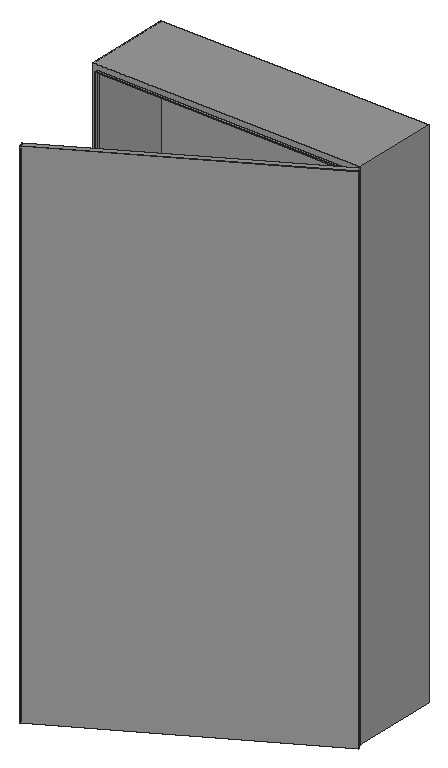
Revit family "Hager-Univers-IP55-D275-H1550-Cl.II-Steel_encl-NoHosted-AT-de", category Equipement électrique, Revit 2020
Family settings
  Configuration du panneau = Deux colonnes, circuits au sein
  Cote de connecteur circulaire = Utiliser le diamètre
  Type d'élément = Tableau de raccordement
  Basée sur le plan de construction = Oui
  Toujours verticalement = Oui
  Couper avec des vides une fois chargée = Non
  Partagée = Non
  Point de calcul de pièce = Non
Parameters (values of type "Aufputz IP55 B800 H1550 T275  - FR03S")
  Width Control [instance] = if([EF000008 - Breite] > Min Width, [EF000008 - Breite], Min Width)  # 800 mm
  Commentaires du type = [HG000003 - Bereich]  # "Univers"
  Thickness Door [instance] = if([EF009171 - Materialstärke Tür/Deckel] > 3 mm, 3 mm, [EF009171 - Materialstärke Tür/Deckel])  # 1.5 mm
  Seal Frame Offset [instance] = 17 mm  # constant formula
  Plinth Visibility [instance] = [HG000027 - Sockelhöhe] > 0 mm  # no
  Min Width [instance] = 100 mm  # constant formula
  Min Depth [instance] = (2 * [EF009170 - Materialstärke Gehäuse]) + 1 mm  # 4 mm
  Min Height [instance] = 100 mm  # constant formula
  Internal Frame Depth [instance] = (Door System Depth * 0.5)  # 9 mm
  Panel Name [instance] = ""  # (empty or 0)
  Model = ""
  HG000027 - Sockelhöhe = 0 mm
  HG000026 - Stehend auf dem Boden = no
  HG000024 - Höhe des unteren Teils = 600 mm
  HG000023 - Gehäuse mit doppeltem Querschnitt = no
  HG000016 - 3D-Türsichtbarkeit [instance] = yes
  HG000015 - Sichtbarkeit der Türöffnung [instance] = no
  HG000014 - Tür rechts [instance] = yes
  HG000013 - Tür links [instance] = not([HG000014 - Tür rechts])  # no
  HG000012 - Türschwenkwinkel [instance] = 30.00°
  HG000010 - Asymmetrische Türen = no
  HG000009 - Doppelflügeligen Tür = no
  HG000006 - Unterputz = no
  HG000004 - Herstellerreferenz = "FR03S"
  HG000003 - Bereich = "Univers"
  HG000002 - Mit tür = yes
  Frame Offset Bottom [instance] = 10 mm  # constant formula
  Frame Offset [instance] = 15 mm  # constant formula
  EF015940 - Deckel mit Überdruckentlastung = no
  EF011959 - Schutzart (NEMA) = ""
  EF009554 - Anzahl der Öffnungen für Flanschplatten = 6
  EF009212 - Ausführung Deckel = "EV000116 - geschlossen"
  EF009171 - Materialstärke Tür/Deckel = 1.5 mm
  EF009170 - Materialstärke Gehäuse = 1.5 mm
  EF008873 - Nennstrom (In) = 800 A
  EF007800 - Geeignet für Blitzschutz = no
  EF006306 - Mit Schloss = no
  EF006244 - Transparenter Deckel/Tür = no
  EF005474 - Schutzart (IP) = "EV006420 - IP55"
  EF004464 - Art der Tür = "EV002646 - Einzel"
  EF004427 - Anzahl der Module = 360
  EF004293 - Schlagfestigkeit = "EV008784 - IK10"
  EF003532 - Geeignet für Außengebrauch = no
  EF002950 - Breite in Teilungseinheiten = 24
  EF001613 - Funktionserhalt = "EV000494 - ohne"
  EF001596 - Werkstoff des Gehäuses = "EV000179 - Stahl"
  EF001131 - Innentiefe = 275 mm
  EF001088 - Anbaumöglichkeit = yes
  EF000437 - Anzahl der Leitungseinführungen = 6
  EF000339 - Art der Abdeckung = "EV004216 - Tür"
  EF000266 - Anzahl der Reihen = 10
  EF000218 - Einbautiefe = 0 mm
  EF000118 - Mit Montageplatte = no
  EF000116 - RAL-Nummer = "7035"
  EF000049 - Tiefe = 275 mm
  EF000040 - Höhe = 1550 mm
  EF000008 - Breite = 800 mm
  EF000007 - Farbe = "EV000270 - grau"
  EF000003 - Montageart = "EV000384 - Aufputz"
  Door System Leaf Tolerance [instance] = 1.5 mm  # constant formula
  Door System Depth [instance] = 18 mm  # constant formula
  Door Height [instance] = Height Control - [HG000027 - Sockelhöhe]  # 1550 mm
  Description = ""
  Default Elevation = 1219.2 mm
  Connector Offset [instance] = Height Control / 2  # 775 mm
  Fabricant = "Hager"  # constant formula
  Height Control [instance] = if([EF000040 - Höhe] > Min Height, [EF000040 - Höhe], Min Height)  # 1550 mm
  Depth Control [instance] = if([EF000049 - Tiefe] > Min Depth, [EF000049 - Tiefe], Min Depth)  # 275 mm
  Bottom Top Plate Trim [instance] = 1.5 mm  # constant formula
  Plinth height Ctrl [instance] = if([HG000027 - Sockelhöhe] > 0 mm, [HG000027 - Sockelhöhe], 12 mm)  # 12 mm
Types (5, lengths in mm): name | Width Control | HG000010 - Asymmetrische Türen | HG000009 - Doppelflügeligen Tür | HG000004 - Herstellerreferenz | EF009554 - Anzahl der Öffnungen für Flanschplatten | EF004464 - Art der Tür | EF004427 - Anzahl der Module | EF000437 - Anzahl der Leitungseinführungen | EF000008 - Breite
  Aufputz IP55 B1050 H1550 T275  - FR04S | 1050 | no | yes | "FR04S" | 8 | "EV003602 - Doppel" | 480 | 8 | 1050
  Aufputz IP55 B1300 H1550 T275  - FR05S | 1300 | yes | yes | "FR05S" | 10 | "EV003602 - Doppel" | 600 | 10 | 1300
  Aufputz IP55 B300 H1550 T275  - FR01S | 300 | no | no | "FR01S" | 2 | "EV002646 - Einzel" | 120 | 2 | 300
  Aufputz IP55 B550 H1550 T275  - FR02S | 550 | no | no | "FR02S" | 4 | "EV002646 - Einzel" | 240 | 4 | 550
  Aufputz IP55 B800 H1550 T275  - FR03S | 800 | no | no | "FR03S" | 6 | "EV002646 - Einzel" | 360 | 6 | 800
Reference planes
  plane 1 "Center (Front/Back)": y = 0
  plane 2: z = 0
  plane 3 "Center (Left/Right)": x = 0
  plane 4: y = 0
  plane 5: y = 0
  plane 6: z = 0
  plane 7: x = -400
  plane 8: x = 400
  plane 9: x = 398.5
  plane 10: x = -398.5
  plane 11: z = 0
  plane 12: z = 1.5
  plane 13: y = -275
  plane 14: y = -1.5
  plane 15: x = 0
  plane 16: y = -257
  plane 17: y = -273.5
  plane 18: y = -255.5
  plane 19: x = -383.5
  plane 20: x = 383.5
  plane 21: z = 11.5
  plane 22: x = -383
  plane 23: x = 383
  plane 24: z = 0
  plane 25: z = 1550
  plane 26: z = 1550
  plane 27: z = 1533.5
  plane 28: z = 1548.5
Forms (mm)
  Extrusion 1, solid, material "Hager_Steel_RAL7035_Light_Grey", detail levels medium+fine
    sketch origin (-208.679, -4572, 0) x (-1, 0, 0) y (0, -1, 0)
      loop
        line (191.321, -4315) -> (-608.679, -4315) -> (-608.679, -4572) -> (191.321, -4572) -> (191.321, -4315)
    from 0 to 1550
  Extrusion 2, void
    sketch origin (-350.771, -275, 1219.2) x (1, 0, 0) y (0, 0, 1)
      loop
        line (-47.729, 329.3) -> (-47.729, -1217.7) -> (749.271, -1217.7) -> (749.271, 329.3) -> (-47.729, 329.3)
    from -19.5 to -273.5
  Extrusion 3, void
    sketch origin (-290.084, -257, 1219.2) x (1, 0, 0) y (0, 0, 1)
      loop
        line (-93.416, -1207.7) -> (673.584, -1207.7) -> (673.584, 314.3) -> (-93.416, 314.3) -> (-93.416, -1207.7)
    from 0 to -1.5
  Extrusion 4, solid, material "Hager_Steel_RAL7035_Light_Grey", visible <- "Plinth Visibility", detail levels medium+fine
    sketch origin (0, 0, 0) x (1, 0, 0) y (0, 1, 0)
      loop
        line (-400, 0) -> (-400, -257) -> (400, -257) -> (400, 0) -> (-400, 0)
    from 0 to 12 <- "Plinth height Ctrl"
  Extrusion 5, solid, material "Hager_Steel_RAL7035_Light_Grey", detail levels coarse
    sketch origin (0, 0, 0) x (1, 0, 0) y (0, 1, 0)
      loop
        line (-400, 0) -> (-400, -275) -> (400, -275) -> (400, 0) -> (-400, 0)
    from 0 to 1550 <- "Height Control"
  Sweep 6, void
    path in 3D
      loop
        line (-400, -257, 12) -> (400, -257, 12) -> (400, 0, 12) -> (-400, 0, 12) -> (-400, -257, 12)
    profile origin (-400, -128.5, 12) x (1, 0, 0) y (0, 0, 1)
      loop
        line (0, 0) -> (0, -1.5) -> (1.5, -1.5)
        arc (1.5, -1.5) -> (1.061, -0.439) -> (0, 0) r 1.5
  Extrusion 7, solid, material "Hager_Steel_RAL7035_Light_Grey", detail levels fine
    sketch origin (-400, -257, 0) x (1, 0, 0) y (0, 0, 1)
      loop
        line (16.5, 11.5) -> (783.5, 11.5) -> (783.5, 1533.5) -> (16.5, 1533.5) -> (16.5, 11.5)
      loop
        line (15, 10) -> (785, 10) -> (785, 1535) -> (15, 1535) -> (15, 10)
    from 0 to 9 <- "Internal Frame Depth"
Cuts and joins
  Extrusion 2, Extrusion 3 cuts Extrusion 1
  Sweep 6 cuts Extrusion 4
Lines and regions (mm)
  Masking region 1
    outline origin (0, 0, 0) x (1, 0, 0) y (0, 1, 0)
      loop
        line (-400, 0) -> (-400, -275) -> (400, -275) -> (400, 0) -> (-400, 0)
  Masking region 2, detail levels coarse
    outline origin (-290.084, -257, 1219.2) x (-1, 0, 0) y (0, 0, 1)
      loop
        line (-690.084, -1219.2) -> (109.916, -1219.2) -> (109.916, 330.8) -> (-690.084, 330.8) -> (-690.084, -1219.2)
  Masking region 3, detail levels coarse
    outline origin (0, 0, 0) x (0, 1, 0) y (0, 0, 1)
      loop
        line (0, 0) -> (0, 1550) -> (-275, 1550) -> (-275, 0) -> (0, 0)
  Masking region 4, visible <- "Plinth Visibility", detail levels medium+fine
    outline origin (0, 0, 0) x (0, 1, 0) y (0, 0, 1)
      loop
        line (-1.5, 12) -> (-255.5, 12)
        arc (-255.5, 12) -> (-255.939, 10.939) -> (-257, 10.5) r 1.5
        line (-257, 10.5) -> (-257, 0) -> (0, 0) -> (0, 10.5)
        arc (0, 10.5) -> (-1.061, 10.939) -> (-1.5, 12) r 1.5
  Masking region 5, detail levels medium+fine
    outline origin (0, 0, 594.038) x (0, 1, 0) y (0, 0, 1)
      loop
        line (0, -594.038) -> (0, 955.962) -> (-257, 955.962) -> (-257, -594.038) -> (0, -594.038)
  Masking region 6, detail levels medium+fine
    outline origin (-359.7, -257, 1211.883) x (-1, 0, 0) y (0, 0, 1)
      loop
        line (-759.7, -1211.883) -> (40.3, -1211.883) -> (40.3, 338.117) -> (-759.7, 338.117) -> (-759.7, -1211.883)
  Masking region 7, visible <- "Plinth Visibility", detail levels medium+fine
    outline origin (-320.334, -257, 1041.368) x (-1, 0, 0) y (0, 0, 1)
      loop
        line (-720.334, -1041.368) -> (79.666, -1041.368) -> (79.666, -1030.868)
        arc (79.666, -1030.868) -> (78.606, -1030.429) -> (78.166, -1029.368) r 1.5
        line (78.166, -1029.368) -> (-718.834, -1029.368)
        arc (-718.834, -1029.368) -> (-719.273, -1030.429) -> (-720.334, -1030.868) r 1.5
        line (-720.334, -1030.868) -> (-720.334, -1041.368)
  sketch lines
    curve 1: line (-400, 0, 12) -> (-400, -257, 12)
    curve 2: line (-400, -257, 12) -> (400, -257, 12)
    curve 3: line (400, 0, 12) -> (-400, 0, 12)
    curve 4: line (400, -257, 12) -> (400, 0, 12)
Dimensions and locks
  locked: plane 1 "Center (Front/Back)" to plane 5
  "EF009170 - Materialstärke Gehäuse": plane 7 to plane 10
  "EF009170 - Materialstärke Gehäuse": plane 8 to plane 9
  equal spacing: plane 7, plane 3 "Center (Left/Right)", plane 8
  "Width Control": plane 7 to plane 8
  "Depth Control": plane 4 to plane 13
  "EF009170 - Materialstärke Gehäuse": plane 4 to plane 14
  "Height Control": plane 25 to level
  "HG000027 - Sockelhöhe": plane 11 to level
  "EF009170 - Materialstärke Gehäuse": plane 12 to plane 11
  "EF009170 - Materialstärke Gehäuse": plane 17 to plane 13
  "EF009170 - Materialstärke Gehäuse": plane 18 to plane 16
  "Frame Offset Bottom": plane 21 to plane 12
  "Frame Offset": plane 10 to plane 19
  "Frame Offset": plane 9 to plane 20
  "Door System Depth": plane 16 to plane 13
  "Seal Frame Offset": plane 7 to plane 22
  "Seal Frame Offset": plane 8 to plane 23
  "EF009170 - Materialstärke Gehäuse": plane 26 to plane 28
  "Frame Offset": plane 28 to plane 27
  "Connector Offset": plane 2 to connector elem
  "Bottom Top Plate Trim": profile plane to Sweep 6 sketch curve
  "Bottom Top Plate Trim": Sweep 6 sketch curve to Sweep 6 sketch curve
  "Plinth height Ctrl": Masking region 4 sketch curve to level
  "Plinth height Ctrl": Masking region 7 sketch curve to level
  "Thickness Door": Extrusion 7 sketch curve to Extrusion 7 sketch curve  (x4)
  "Bottom Top Plate Trim": radius of Sweep 6 sketch curve
  "Bottom Top Plate Trim": radius of Masking region 4 sketch curve  (x2)
  "Bottom Top Plate Trim": radius of Masking region 7 sketch curve  (x2)
  aligned and locked: Extrusion 2 sketch curve to plane 12
  aligned and locked: Extrusion 2 sketch curve to plane 9
  aligned and locked: Extrusion 2 sketch curve to plane 10
  aligned and locked: Extrusion 2 to plane 14
  aligned and locked: Extrusion 1 sketch curve to plane 4
  aligned and locked: plane 8 to Extrusion 1 sketch curve
  aligned and locked: plane 7 to Extrusion 1 sketch curve
  aligned and locked: Extrusion 2 to plane 18
  aligned and locked: Extrusion 3 sketch curve to plane 19
  aligned and locked: plane 20 to Extrusion 3 sketch curve
  aligned and locked: Extrusion 3 to Extrusion 2
  aligned and locked: Extrusion 3 sketch curve to plane 21
  aligned and locked: plane 3 "Center (Left/Right)" to nested 1
  aligned and locked: Extrusion 1 sketch curve to plane 16
  aligned and locked: Extrusion 4 sketch curve to cut or joined group of Extrusion 1, Extrusion 2, Extrusion 3
  aligned and locked: Masking region 1 sketch curve to plane 7
  aligned and locked: Masking region 1 sketch curve to plane 5
  aligned and locked: Masking region 1 sketch curve to plane 8
  aligned and locked: Masking region 2 sketch curve to level
  aligned and locked: level to Masking region 3 sketch curve
  aligned and locked: plane 1 "Center (Front/Back)" to Masking region 3 sketch curve
  aligned and locked: plane 13 to Masking region 3 sketch curve
  aligned and locked: plane 5 to Masking region 4 sketch curve
  aligned and locked: Masking region 2 sketch curve to plane 8
  aligned and locked: Masking region 2 sketch curve to plane 7
  aligned and locked: plane 7 to nested 2
  aligned and locked: nested 2 to plane 5
  aligned and locked: plane 5 to Masking region 5 sketch curve
  aligned and locked: plane 26 to Masking region 5 sketch curve
  aligned and locked: Extrusion 5 sketch curve to plane 8
  aligned and locked: Extrusion 5 sketch curve to plane 7
  aligned and locked: Extrusion 5 sketch curve to plane 5
  aligned and locked: Extrusion 3 sketch curve to plane 27
  aligned and locked: Extrusion 2 sketch curve to plane 28
  aligned and locked: Masking region 2 to plane 25
  aligned and locked: Extrusion 4 to plane 16
  aligned and locked: profile plane to Sweep 6 sketch curve
  aligned and locked: Masking region 5 sketch curve to plane 24
  aligned and locked: level to Masking region 4 sketch curve
  aligned and locked: Masking region 1 to plane 13
  aligned and locked: nested 1 to plane 16
  aligned and locked: Masking region 3 to plane 25
  aligned and locked: plane 16 to Masking region 4 sketch curve
  aligned and locked: Masking region 5 sketch curve to plane 16
  aligned and locked: plane 24 to plane 11
  aligned and locked: plane 26 to plane 25
  aligned and locked: plane 26 to cut or joined group of Extrusion 1, Extrusion 2, Extrusion 3
  aligned and locked: nested 1 to plane 24
  aligned and locked: Extrusion 1 to Extrusion 3
  aligned and locked: Masking region 6 sketch curve to plane 8
  aligned and locked: Masking region 6 sketch curve to plane 24
  aligned and locked: Masking region 6 sketch curve to plane 7
  aligned and locked: Masking region 6 sketch curve to plane 26
  aligned and locked: Masking region 7 sketch curve to plane 7
  aligned and locked: level to Masking region 7 sketch curve
  aligned and locked: Masking region 7 sketch curve to plane 8
  aligned and locked: Extrusion 7 sketch curve to cut or joined group of Extrusion 1, Extrusion 2, Extrusion 3  (x4)
Automatic sketch dimensions
  plane 19 to Extrusion 3 sketch curve = 0 mm
  Extrusion 3 sketch curve to plane 20 = 0 mm
  Extrusion 3 sketch curve to plane 21 = 0 mm
  Extrusion 4 sketch curve to plane 7 = 0 mm
  Extrusion 4 sketch curve to plane 8 = 0 mm
  Extrusion 4 sketch curve to plane 16 = 0 mm
  Masking region 1 sketch curve to plane 13 = 0 mm
  Masking region 2 sketch curve to plane 25 = 0 mm
  Masking region 3 sketch curve to plane 25 = 0 mm
  Extrusion 5 sketch curve to plane 13 = 0 mm
  profile plane to Sweep 6 sketch curve = 0 mm
Nested families
  nested 1: "EC000058_Univers_Door" at (0, -257, 0), Double <- "HG000009 - Doppelflügeligen Tür", Transparent <- "EF006244 - Transparenter Deckel/Tür", Angle <- "HG000012 - Türschwenkwinkel", Door_Right <- "HG000014 - Tür rechts", Assymetrical <- "HG000010 - Asymmetrische Türen", Door <- "HG000002 - Mit tür", Width_Ctrl <- "Width Control", 3d_Door <- "HG000016 - 3D-Türsichtbarkeit", Clearance <- "HG000015 - Sichtbarkeit der Türöffnung", Door_Left <- "HG000013 - Tür links", Width <- "Width Control", Door_Depth <- "Door System Depth", Leaf_Tolerance <- "Door System Leaf Tolerance", Height <- "Door Height", Lock_Visibility <- "EF006306 - Mit Schloss", Thickness <- "Thickness Door", type "EC000058_Univers_Door", detail levels medium+fine
    with min_wh 4 mm, Width_Ctrl 800 mm, Width 800 mm, Transparent no, Thickness 1.5 mm, Seal_Material Hager_Rubber, Lock_Visibility no, Lock_Material Hager_Plastic_RAL9005_Jet_Black, Leaf_Width 800 mm, Leaf_Tolerance_External_Sides 0 mm, Leaf_Tolerance 1.5 mm, Leaf_Offset 0 mm, Leaf_Height 1547 mm, Leaf_2_Width 800 mm, Leaf_2_Offset 400 mm, Leaf_1_Width 800 mm, Leaf_1_Offset 400 mm, Height_Ctrl 1550 mm, Height 1550 mm, Glass_Material Hager_Glass, Double_Clearance_Ctrl no, Double no, Door_Right_Ctrl yes, Door_Right yes, Door_Material Hager_Steel_RAL7035_Light_Grey, Door_Left_Ctrl no, Door_Left no, Door_Depth 18 mm, Door yes, Clearance_Material Hager_Clearance, Clearance_Depth 800 mm, Clearance_Ctrl no, Clearance no, Assymetrical no, Angle 30.00°, 3d_Door yes
  nested 2: "Hager_Enclosure_Symbol" at (-400, 0, 0), Height <- "Depth Control", Width <- "Width Control", type "Hager_Enclosure_Symbol"
    with Width_Ctrl 800 mm, Width 800 mm, Height_Ctrl 275 mm, Height 275 mm, A_Width_Int 18.047 mm, A_Width 216.562 mm, A_Height_Ctrl 240.625 mm, A_Height 240.625 mm
Connectors
  electrical at (0, 0, 775)
    settings: on plane 1 "Center (Front/Back)", index 1, voltage 0 V, apparent load 0 VA, apparent load phase1 0 VA, apparent load phase2 0 VA, apparent load phase3 0 VA, power factor 1, load classification "Other", number of poles 1, system type 30, power factor state 1, is connector primary yes, connector utility no, sub classification motor no, connector description ""
Definition of nested family "EC000058_Univers_Door"
  Parameters (values of type "EC000058_Univers_Door")
    min_wh [instance] = (2 * Thickness) + 1 mm  # 11 mm
    Width_Ctrl [instance] = 400 mm
    Width [instance] = 500 mm
    Transparent [instance] = yes
    Thickness [instance] = 5 mm
    Seal_Material [instance] = none
    Lock_Visibility [instance] = yes
    Lock_Material [instance] = none
    Leaf_Width [instance] = if((Width_Ctrl - 2 * Leaf_Tolerance_External_Sides) > 0 mm, (Width_Ctrl - 2 * Leaf_Tolerance_External_Sides), min_wh)  # 400 mm
    Leaf_Tolerance_External_Sides [instance] = 0 mm  # constant formula
    Leaf_Tolerance [instance] = 1.5 mm
    Leaf_Offset [instance] = 0 mm  # constant formula
    Leaf_Height [instance] = if((Height_Ctrl - 2 * Leaf_Tolerance) > 0 mm, (Height_Ctrl - 2 * Leaf_Tolerance), min_wh)  # 497 mm
    Leaf_2_Width [instance] = if(and(and(Double, Assymetrical), Door_Left), (Leaf_Width / 3) - (Leaf_Tolerance / 2), if(and(and(Double, Assymetrical), Door_Right), (Leaf_Width / 3) * 2 - (Leaf_Tolerance / 2), if(and(Double, not(Assymetrical)), (Leaf_Width / 2) - Leaf_Tolerance, Leaf_Width)))  # 400 mm
    Leaf_2_Offset [instance] = if(and(Double, Assymetrical), Leaf_2_Width / 2, if(and(Double, not(Assymetrical)), Leaf_Width / 4, Leaf_Width / 2))  # 200 mm
    Leaf_1_Width [instance] = if(and(and(Double, Assymetrical), Door_Right), (Leaf_Width / 3) - (Leaf_Tolerance / 2), if(and(and(Double, Assymetrical), Door_Left), (Width / 3) * 2 - (Leaf_Tolerance / 2), if(and(Double, not(Assymetrical)), (Leaf_Width / 2) - Leaf_Tolerance, Leaf_Width)))  # 400 mm
    Leaf_1_Offset [instance] = if(and(Double, Assymetrical), Leaf_1_Width / 2, if(and(Double, not(Assymetrical)), Leaf_Width / 4, Leaf_Width / 2))  # 200 mm
    Height_Ctrl [instance] = if(Height > min_wh, Height, min_wh)  # 500 mm
    Height [instance] = 500 mm
    Glass_Material [instance] = none
    Double_Clearance_Ctrl [instance] = and(Double, Clearance)  # no
    Double [instance] = no
    Door_Right_Ctrl [instance] = and(or(Door_Right, Double), Door)  # yes
    Door_Right [instance] = yes
    Door_Material [instance] = none
    Door_Left_Ctrl [instance] = and(or(Door_Left, Double), Door)  # no
    Door_Left [instance] = no
    Door_Depth [instance] = 30 mm
    Door [instance] = yes
    Default Elevation = 1219.2 mm
    Clearance_Material [instance] = none
    Clearance_Depth [instance] = if(Leaf_1_Width > Leaf_2_Width, Leaf_1_Width, Leaf_2_Width)  # 400 mm
    Clearance_Ctrl [instance] = and(not(Double), Clearance)  # yes
    Clearance [instance] = yes
    Assymetrical [instance] = yes
    Angle [instance] = 30.00°
    3d_Door [instance] = yes
  Reference planes
    plane 1 "Center (Front/Back)": y = 0
    plane 2 "Bottom": z = 0
    plane 3 "Center (Left/Right)": x = 0
    plane 4: z = 500
    plane 5: x = -200
    plane 6: x = 200
    plane 7: z = 500
    plane 8: x = -200
    plane 9: z = 0
    plane 10: x = 200
    plane 11: y = 0
    plane 12: z = 1.5
    plane 13: x = -600
    plane 14: y = -400
    plane 15: x = 600
    plane 16: x = 0
    plane 17: x = 0
    plane 18: x = -200
    plane 19: x = 200
    plane 20: z = 498.5
  Forms (mm)
    Extrusion 1, solid, material <- "Clearance_Material", visible <- "Double_Clearance_Ctrl"
      sketch origin (1200, 0, 0) x (1, 0, 0) y (0, 0, -1)
        loop
          line (-1800, -498.5) -> (-600, -498.5) -> (-600, 0) -> (-1800, 0) -> (-1800, -498.5)
      from 0 to -400
  Dimensions and locks
    equal spacing: plane 5, plane 3 "Center (Left/Right)", plane 6
    "Width_Ctrl": plane 5 to plane 6
    "Leaf_Offset": plane 5 to plane 8
    "Leaf_Offset": plane 6 to plane 10
    "Leaf_Offset": plane 9 to level
    "Leaf_Offset": plane 4 to plane 7
    "Height_Ctrl": plane 4 to level
    "Leaf_Tolerance": plane 12 to plane 9
    locked: plane 11 to plane 1 "Center (Front/Back)"
    "Leaf_1_Offset": plane 18 to plane 16
    "Leaf_2_Offset": plane 17 to plane 19
    "Leaf_1_Width": plane 13 to plane 8
    "Leaf_2_Width": plane 10 to plane 15
    "Clearance_Depth": plane 14 to plane 1 "Center (Front/Back)"
    "Leaf_Tolerance_External_Sides": plane 8 to plane 18
    "Leaf_Tolerance_External_Sides": plane 19 to plane 10
    "Leaf_Tolerance": plane 7 to plane 20
    aligned and locked: level to plane 2 "Bottom"
    aligned and locked: nested 1 to plane 16
    aligned and locked: nested 2 to plane 17
    aligned and locked: Extrusion 1 to plane 13
    aligned and locked: plane 15 to Extrusion 1
    aligned and locked: Extrusion 1 to plane 14
    aligned and locked: plane 12 to nested 1
    aligned and locked: nested 2 to plane 12
    aligned and locked: Extrusion 1 to plane 11
    aligned and locked: plane 20 to Extrusion 1
    aligned and locked: nested 2 to plane 11
    aligned and locked: nested 1 to plane 11
  Automatic sketch dimensions
    Extrusion 1 sketch curve to level = 0 mm
    plane 5 to Extrusion 1 sketch curve = 400 mm
    plane 6 to Extrusion 1 sketch curve = 400 mm
    Extrusion 1 sketch curve to plane 4 = 1.5 mm
  Nested families
    nested 1: "EC000058_Univers_Door_Leaf" at (0, 0, 1.5), Width <- "Leaf_1_Width", visible <- "Door_Left_Ctrl", Leaf_Height <- "Leaf_Height", Angle <- "Angle", 3d_Door <- "3d_Door", Transparent <- "Transparent", Clearance Material <- "Clearance_Material", Clearance <- "Clearance_Ctrl", Door_Material <- "Door_Material", Glass_Material <- "Glass_Material", Door_Depth <- "Door_Depth", Lock_Material <- "Lock_Material", Seal_Material <- "Seal_Material", Lock_Visibility <- "Lock_Visibility", Thickness <- "Thickness", type "EC000058_Univers_Door_Leaf"
      with Width 400 mm, Transparent_Glass_Offset 30 mm, Transparent_Ctrl yes, Transparent yes, Thickness 5 mm, Standard no, Seal_Material none, Seal_D2 8 mm, Seal_D1 1 mm, Offset_Internal_Frame 10 mm, Lock_Width 20 mm, Lock_Visibility_3d yes, Lock_Visibility yes, Lock_Thickness_3 3 mm, Lock_Thickness_2 1 mm, Lock_Thickness_1 3 mm, Lock_Radius_Offset_2 16 mm, Lock_Radius_Offset_1 15 mm, Lock_Radius_2 5 mm, Lock_Radius 6 mm, Lock_Offset 5 mm, Lock_Material none, Lock_Height 80 mm, Lock_Cover_Top_Offset_2d 17 mm, Lock_Cover_Height -65 mm, Leaf_Height 497 mm, Internal_Seal_Thickness 8 mm, Internal_Seal_Depth_2 4.5 mm, Internal_Frame_Depth 25 mm, Glass_Thickness -1 mm, Glass_Offset -2 mm, Glass_Material none, Door_Material none, Door_Depth 30 mm, Clearance Material none, Clearance yes, Angle_Ctrl 30.00°, Angle 30.00°, 3d_Door yes
    nested 2: "EC000058_Univers_Door_Leaf" at (0, 0, 1.5) x (-1, 0, 0) z (0, 0, 1), Width <- "Leaf_2_Width", visible <- "Door_Right_Ctrl", Leaf_Height <- "Leaf_Height", Angle <- "Angle", 3d_Door <- "3d_Door", Transparent <- "Transparent", Clearance Material <- "Clearance_Material", Clearance <- "Clearance_Ctrl", Door_Material <- "Door_Material", Glass_Material <- "Glass_Material", Door_Depth <- "Door_Depth", Lock_Material <- "Lock_Material", Seal_Material <- "Seal_Material", Lock_Visibility <- "Lock_Visibility", Thickness <- "Thickness", type "EC000058_Univers_Door_Leaf"
      with Width 400 mm, Transparent_Glass_Offset 30 mm, Transparent_Ctrl yes, Transparent yes, Thickness 5 mm, Standard no, Seal_Material none, Seal_D2 8 mm, Seal_D1 1 mm, Offset_Internal_Frame 10 mm, Lock_Width 20 mm, Lock_Visibility_3d yes, Lock_Visibility yes, Lock_Thickness_3 3 mm, Lock_Thickness_2 1 mm, Lock_Thickness_1 3 mm, Lock_Radius_Offset_2 16 mm, Lock_Radius_Offset_1 15 mm, Lock_Radius_2 5 mm, Lock_Radius 6 mm, Lock_Offset 5 mm, Lock_Material none, Lock_Height 80 mm, Lock_Cover_Top_Offset_2d 17 mm, Lock_Cover_Height -65 mm, Leaf_Height 497 mm, Internal_Seal_Thickness 8 mm, Internal_Seal_Depth_2 4.5 mm, Internal_Frame_Depth 25 mm, Glass_Thickness -1 mm, Glass_Offset -2 mm, Glass_Material none, Door_Material none, Door_Depth 30 mm, Clearance Material none, Clearance yes, Angle_Ctrl 30.00°, Angle 30.00°, 3d_Door yes
  Definition of nested family "EC000058_Univers_Door_Leaf"
    Parameters (values of type "EC000058_Univers_Door_Leaf")
      Width [instance] = 2000 mm
      Transparent_Glass_Offset [instance] = 30 mm
      Transparent_Ctrl [instance] = and(Transparent, [3d_Door])  # yes
      Transparent [instance] = yes
      Thickness [instance] = 5 mm
      Standard [instance] = and(not(Transparent), [3d_Door])  # no
      Seal_Material [instance] = none
      Seal_D2 [instance] = 8 mm  # constant formula
      Seal_D1 [instance] = 1 mm  # constant formula
      Offset_Internal_Frame [instance] = 10 mm  # constant formula
      Lock_Width [instance] = 20 mm  # constant formula
      Lock_Visibility_3d [instance] = and(Lock_Visibility, [3d_Door])  # yes
      Lock_Visibility [instance] = yes
      Lock_Thickness_3 [instance] = 3 mm  # constant formula
      Lock_Thickness_2 [instance] = 1 mm  # constant formula
      Lock_Thickness_1 [instance] = 3 mm  # constant formula
      Lock_Radius_Offset_2 [instance] = Lock_Radius_Offset_1 + 1 mm  # 16 mm
      Lock_Radius_Offset_1 [instance] = 15 mm  # constant formula
      Lock_Radius_2 [instance] = Lock_Radius - 1 mm  # 5 mm
      Lock_Radius [instance] = 6 mm  # constant formula
      Lock_Offset [instance] = 5 mm  # constant formula
      Lock_Material [instance] = none
      Lock_Height [instance] = 80 mm  # constant formula
      Lock_Cover_Top_Offset_2d [instance] = Lock_Radius_Offset_2 + 1 mm  # 17 mm
      Lock_Cover_Height [instance] = -(Lock_Height - Lock_Radius_Offset_1)  # -65 mm
      Leaf_Height [instance] = 2720.336 mm
      Internal_Seal_Thickness [instance] = 8 mm  # constant formula
      Internal_Seal_Depth_2 [instance] = 4.5 mm  # constant formula
      Internal_Frame_Depth [instance] = if(Door_Depth - Thickness > 5 mm, Door_Depth - Thickness, 5 mm)  # 25 mm
      Glass_Thickness [instance] = if(Thickness > 15 mm, Glass_Offset + 10 mm, -1 mm)  # -1 mm
      Glass_Offset [instance] = if(Thickness > 15 mm, -(Thickness + 10 mm) / 2, -2 mm)  # -2 mm
      Glass_Material [instance] = none
      Door_Material [instance] = none
      Door_Depth [instance] = 30 mm
      Default Elevation = 0 mm
      Clearance Material [instance] = none
      Clearance [instance] = yes
      Angle_Ctrl [instance] = if(Angle > 180.00°, 180.00°, Angle)  # 90.00°
      Angle [instance] = 90.00°
      3d_Door [instance] = yes
    Reference planes
      plane 1 "Center (Front/Back)": y = 0
      plane 2: z = 0
      plane 3 "Center (Left/Right)": x = 0
      plane 4: y = 2000
      plane 5: x = -1000
      plane 6: x = 1000
      plane 7: x = -3000
      plane 8: z = 2720.336
      plane 9: z = 30
      plane 10: z = 2690.336
      plane 11: x = 970
      plane 12: x = -970
      plane 13: y = -3
      plane 14: z = 107.833
      plane 15: y = -5
      plane 16: y = -223.314
      plane 17: x = -1000
      plane 18: z = 1360.168
      plane 19: y = 30
    Forms (mm)
      Extrusion 1, solid, material <- "Clearance Material", visible <- "Clearance"
        sketch origin (0, 0, 0) x (1, 0, 0) y (0, 0, 1)
          loop
            line (-3000, 2720.336) -> (-3000, 0) -> (1000, 0) -> (1000, 2720.336) -> (-3000, 2720.336)
        from 0 to -2000
      Extrusion 2, solid, material <- "Door_Material", visible <- "Standard", detail levels medium+fine
        sketch origin (-1000, 0, 0) x (0, 1, 0) y (-1, 0, 0)
          loop
            line (0, 30) -> (0, 25) -> (2000, 25) -> (2000, 30) -> (0, 30)
        from 0 to 2720.336 <- "Leaf_Height"
      Extrusion 3, solid, material <- "Door_Material", visible <- "Transparent_Ctrl", detail levels medium+fine
        sketch origin (-1000, 0, 0) x (0, 1, 0) y (-1, 0, 0)
          loop
            line (0, 25) -> (2000, 25) -> (2000, 30) -> (0, 30) -> (0, 25)
        from 0 to 2720.336 <- "Leaf_Height"
      Extrusion 4, void
        sketch origin (-1025, 2000, 0) x (0, 1, 0) y (0, 0, -1)
          loop
            line (-30, -2690.336) -> (-30, -30) -> (-1970, -30) -> (-1970, -2690.336) -> (-30, -2690.336)
        from 0 to 5 <- "Thickness"
      Sweep 5, solid, material <- "Seal_Material", visible <- "Transparent_Ctrl", detail levels fine
        path in 3D
          loop
            line (-1025, 30, 30) -> (-1025, 30, 2690.336) -> (-1025, 1970, 2690.336) -> (-1025, 1970, 30) -> (-1025, 30, 30)
        profile origin (-1025, 1000, 30) x (1, 0, 0) y (0, 0, 1)
          loop
            line (0, 0) -> (0, -8) -> (1, -8) -> (1, 0) -> (0, 0)
      Extrusion 6, solid, material <- "Glass_Material", visible <- "Transparent_Ctrl", detail levels medium+fine
        sketch origin (-1030, 0, 0) x (0, 1, 0) y (0, 0, -1)
          loop
            line (1970, -2690.336) -> (1970, -30) -> (30, -30) -> (30, -2690.336) -> (1970, -2690.336)
        from -2 <- "Glass_Offset" to -1 <- "Glass_Thickness"
      Extrusion 7, solid, material <- "Door_Material", visible <- "3d_Door", detail levels medium+fine
        sketch origin (-1025, 2000, 0) x (0, -1, 0) y (0, 0, -1)
          loop
            line (0, -2720.336) -> (2000, -2720.336) -> (2000, 0) -> (0, 0) -> (0, -2720.336)
          loop
            line (1995, -5) -> (5, -5) -> (5, -2715.336) -> (1995, -2715.336) -> (1995, -5)
        from 0 to 25 <- "Internal_Frame_Depth"
      Sweep 8, solid, material <- "Seal_Material", visible <- "Transparent_Ctrl", detail levels fine
        path in 3D
          loop
            line (-1025, 0, 0) -> (-1025, 2000, 0) -> (-1025, 2000, 2720.336) -> (-1025, 0, 2720.336) -> (-1025, 0, 0)
        profile origin (-1025, 0, 1360.168) x (1, 0, 0) y (0, 1, 0)
          loop
            line (0, 10) -> (2.975, 10)
            arc (2.975, 10) -> (4.053, 10.447) -> (4.5, 11.525) r 1.525
            line (4.5, 11.525) -> (4.5, 16.527)
            arc (4.5, 16.527) -> (4.069, 17.569) -> (3.027, 18) r 1.473
            line (3.027, 18) -> (0, 18) -> (0, 10)
      Extrusion 9, solid, material <- "Lock_Material", visible <- "Lock_Visibility_3d", detail levels fine
        sketch origin (-1030, 0, 0) x (0, 1, 0) y (0, 0, -1)
          loop
            arc (1993.5, -1400.168) -> (1994.561, -1399.729) -> (1995, -1398.668) r 1.5
            line (1995, -1398.668) -> (1995, -1320.168) -> (1975, -1320.168) -> (1975, -1398.668)
            arc (1975, -1398.668) -> (1975.439, -1399.729) -> (1976.5, -1400.168) r 1.5
            line (1976.5, -1400.168) -> (1993.5, -1400.168)
        from 3 <- "Lock_Thickness_1" to 0
      Blend 10, solid, material <- "Lock_Material", visible <- "Lock_Visibility_3d", detail levels fine
        base sketch origin (-1033, 0, 0) x (0, 1, 0) y (0, 0, -1)
          loop
            line (1975, -1320.168) -> (1975, -1398.668)
            arc (1975, -1398.668) -> (1975.439, -1399.729) -> (1976.5, -1400.168) r 1.5
            line (1976.5, -1400.168) -> (1993.5, -1400.168)
            arc (1993.5, -1400.168) -> (1994.561, -1399.729) -> (1995, -1398.668) r 1.5
            line (1995, -1398.668) -> (1995, -1320.168) -> (1975, -1320.168)
        top sketch origin (-1033, 0, 0) x (0, 1, 0) y (0, 0, -1)
          loop
            line (1976, -1320.168) -> (1976, -1398.668)
            arc (1976, -1398.668) -> (1976.146, -1399.022) -> (1976.5, -1399.168) r 0.5
            line (1976.5, -1399.168) -> (1993.5, -1399.168)
            arc (1993.5, -1399.168) -> (1993.854, -1399.022) -> (1994, -1398.668) r 0.5
            line (1994, -1398.668) -> (1994, -1320.168) -> (1976, -1320.168)
        from 0 to 1 <- "Lock_Thickness_2"
      Blend 11, solid, material <- "Lock_Material", visible <- "Lock_Visibility_3d", detail levels fine
        base sketch origin (-1034, 0, 0) x (0, 1, 0) y (0, 0, -1)
          loop
            line (1978, -1320.168) -> (1978, -1384.168)
            arc (1978, -1384.168) -> (1985, -1391.168) -> (1992, -1384.168) r 7
            line (1992, -1384.168) -> (1992, -1320.168) -> (1978, -1320.168)
        top sketch origin (-1034, 0, 0) x (0, 1, 0) y (0, 0, -1)
          loop
            line (1991, -1320.168) -> (1979, -1320.168) -> (1979, -1383.168)
            arc (1979, -1383.168) -> (1985, -1389.168) -> (1991, -1383.168) r 6
            line (1991, -1383.168) -> (1991, -1320.168)
        from 0 to 3 <- "Lock_Thickness_3"
      Extrusion 12, solid, material <- "Lock_Material", visible <- "Lock_Visibility_3d", detail levels fine
        sketch origin (-1030, 1975, 1320.168) x (1, 0, 0) y (0, -1, 0)
          loop
            line (-7, -19) -> (-7, -1) -> (0, -1) -> (0, 0) -> (-8, 0) -> (-8, -20) -> (0, -20) -> (0, -19) -> (-7, -19)
        from 0 to -65 <- "Lock_Cover_Height"
      Extrusion 13, void
        sketch origin (-1038, 1995, 1320.168) x (-1, 0, 0) y (0, 0, -1)
          loop
            line (-5, -65) -> (0, -65) -> (-5, -60) -> (-5, -65)
        from 0 to 20 <- "Lock_Width"
      Extrusion 14, void
        sketch origin (-1038, 1975, 1320.168) x (0, -1, 0) y (0, 0, -1)
          loop
            circle (-10, -15.995) r 6
          loop
            circle (-10, -15.995) r 5
        from 0 to 2
      Extrusion 15, solid, material <- "Lock_Material", visible <- "Lock_Visibility_3d", detail levels medium
        sketch origin (-1030, 0, 0) x (0, 1, 0) y (0, 0, -1)
          loop
            arc (1993.5, -1400.168) -> (1994.561, -1399.729) -> (1995, -1398.668) r 1.5
            line (1995, -1398.668) -> (1995, -1320.168) -> (1975, -1320.168) -> (1975, -1398.668)
            arc (1975, -1398.668) -> (1975.439, -1399.729) -> (1976.5, -1400.168) r 1.5
            line (1976.5, -1400.168) -> (1993.5, -1400.168)
        from 8 to 0
    Cuts and joins
      Extrusion 4 cuts Extrusion 3
      Extrusion 13, Extrusion 14 cuts Extrusion 9
      Extrusion 14 cuts Blend 11
      Extrusion 13, Extrusion 14 cuts Extrusion 12
      joined: Extrusion 9, Blend 10, Blend 11, Extrusion 12
      Extrusion 14 cuts Extrusion 15
    Lines and regions (mm)
      Masking region 1, visible <- "Lock_Visibility", detail levels fine
        outline origin (0, 0, 0) x (0, 1, 0) y (0, 0, 1)
          loop
            line (30, 1320.168) -> (33, 1320.168) -> (33, 1400.168) -> (30, 1400.168) -> (30, 1320.168)
      Masking region 2, visible <- "Lock_Visibility", detail levels fine
        outline origin (0, 3.143, 0) x (0, 1, 0) y (0, 0, 1)
          loop
            line (29.857, 1354.168) -> (30.857, 1354.168) -> (30.857, 1366.168) -> (29.857, 1366.168) -> (29.857, 1354.168)
      Masking region 3, detail levels medium+fine
        outline origin (0, 0, 0) x (0, 1, 0) y (0, 0, 1)
          loop
            line (0, 0) -> (30, 0) -> (30, 2720.336) -> (0, 2720.336) -> (0, 0)
      Masking region 4, detail levels medium+fine
        outline origin (0, 0, 0) x (1, 0, 0) y (0, 0, 1)
          loop
            line (-1000, 2720.336) -> (-1000, 0) -> (1000, 0) -> (1000, 2720.336) -> (-1000, 2720.336)
      Masking region 5, visible <- "Lock_Visibility", detail levels fine
        outline origin (-47.116, 0, 0) x (1, 0, 0) y (0, 0, 1)
          loop
            arc (1024.616, 1399.168) -> (1023.556, 1398.729) -> (1023.116, 1397.668) r 1.5
            line (1023.116, 1397.668) -> (1023.116, 1320.168) -> (1041.116, 1320.168) -> (1041.116, 1397.668)
            arc (1041.116, 1397.668) -> (1040.677, 1398.729) -> (1039.616, 1399.168) r 1.5
            line (1039.616, 1399.168) -> (1024.616, 1399.168)
      Masking region 6, visible <- "Lock_Visibility", detail levels medium+fine
        outline origin (-25, 0, 0) x (1, 0, 0) y (0, 0, 1)
          loop
            arc (1001.5, 1400.168) -> (1000.439, 1399.729) -> (1000, 1398.668) r 1.5
            line (1000, 1398.668) -> (1000, 1320.168) -> (1020, 1320.168) -> (1020, 1398.668)
            arc (1020, 1398.668) -> (1019.561, 1399.729) -> (1018.5, 1400.168) r 1.5
            line (1018.5, 1400.168) -> (1001.5, 1400.168)
      Masking region 7, visible <- "Lock_Visibility", detail levels fine
        outline origin (-73.735, 0, 0) x (1, 0, 0) y (0, 0, 1)
          loop
            line (1051.735, 1382.168) -> (1065.735, 1382.168) -> (1065.735, 1384.168)
            arc (1065.735, 1384.168) -> (1058.735, 1391.168) -> (1051.735, 1384.168) r 7
            line (1051.735, 1384.168) -> (1051.735, 1382.168)
      Masking region 8, visible <- "Lock_Visibility", detail levels fine
        outline origin (-73.735, 0, 0) x (1, 0, 0) y (0, 0, 1)
          loop
            line (1052.735, 1382.168) -> (1064.735, 1382.168) -> (1064.735, 1383.168)
            arc (1064.735, 1383.168) -> (1058.735, 1389.168) -> (1052.735, 1383.168) r 6
            line (1052.735, 1383.168) -> (1052.735, 1382.168)
      Masking region 9, visible <- "Lock_Visibility", detail levels fine
        outline origin (-25, 0, 0) x (1, 0, 0) y (0, 0, 1)
          loop
            line (1020, 1320.168) -> (1020, 1382.168) -> (1000, 1382.168) -> (1000, 1320.168) -> (1020, 1320.168)
      Masking region 10, detail levels medium+fine
        outline origin (0, 0, 0) x (1, 0, 0) y (0, 0, 1)
          loop
            circle (985, 1335.144) r 6
      Masking region 11, detail levels fine
        outline origin (0, 0, 0) x (1, 0, 0) y (0, 0, 1)
          loop
            circle (985, 1335.144) r 5
      Masking region 12, visible <- "Lock_Visibility", detail levels fine
        outline origin (0, 12.767, 0) x (0, 1, 0) y (0, 0, 1)
          loop
            line (20.233, 1320.168) -> (21.233, 1320.168) -> (21.233, 1399.168) -> (20.233, 1400.168) -> (20.233, 1320.168)
      Masking region 13, visible <- "Lock_Visibility", detail levels fine
        outline origin (0, 13.767, -10) x (0, 1, 0) y (0, 0, 1)
          loop
            line (20.233, 1330.168) -> (23.233, 1330.168) -> (23.233, 1399.168) -> (20.233, 1402.168) -> (20.233, 1330.168)
      Masking region 14, visible <- "Lock_Visibility", detail levels fine
        outline origin (0, 12.767, -10) x (0, 1, 0) y (0, 0, 1)
          loop
            line (20.233, 1330.168) -> (25.233, 1330.168) -> (25.233, 1399.305) -> (20.233, 1394.305) -> (20.233, 1330.168)
      Masking region 15, visible <- "Lock_Visibility", detail levels medium
        outline origin (0, 0, 0) x (0, 1, 0) y (0, 0, 1)
          loop
            line (30, 1320.168) -> (38, 1320.168) -> (38, 1400.168) -> (30, 1400.168) -> (30, 1320.168)
      Masking region 16, visible <- "Lock_Visibility", detail levels fine
        outline origin (-1000, 0, 0) x (0, 1, 0) y (-1, 0, 0)
          loop
            line (1975, 30) -> (1995, 30) -> (1995, 38) -> (1975, 38) -> (1975, 30)
          loop
            line (1979, 37) -> (1976, 37) -> (1976, 34) -> (1978, 34) -> (1979, 37)
          loop
            line (1994, 37) -> (1991, 37) -> (1992, 34) -> (1994, 34) -> (1994, 37)
      Masking region 17, visible <- "Lock_Visibility", detail levels medium
        outline origin (-1000, 0, 0) x (0, 1, 0) y (-1, 0, 0)
          loop
            line (1975, 30) -> (1995, 30) -> (1995, 38) -> (1975, 38) -> (1975, 30)
      symbolic lines
        curve 1: line (1000, 0, 0) -> (-3000, 0, 0)
        curve 2: arc (1000, 0, 0) -> (-1000, 2000, 0) -> (-3000, 0, 0) r 2000
        curve 4: line (-1030, 0, 0) -> (-1030, 2000, 0)
      reference lines
        curve 3: line (-1000, 0, 0) -> (-1000, 2000, 0)
      symbolic lines, detail levels medium+fine
        curve 5: line (-1030, 2000, 0) -> (-1025, 2000, 0)
        curve 7: line (-1025, 0, 0) -> (-1030, 0, 0)
        curve 8: line (-1025, 0, 0) -> (-1000, 0, 0)
        curve 9: line (-1000, 0, 0) -> (-1000, 2000, 0)
        curve 10: line (-1000, 2000, 0) -> (-1025, 2000, 0)
      symbolic lines, detail levels fine
        curve 6: line (-1025, 2000, 0) -> (-1025, 0, 0)
      sketch lines
        curve 11: line (-1025, 0, 2720.336) -> (-1025, 0, 0)
        curve 12: line (-1025, 2000, 0) -> (-1025, 0, 0)
        curve 13: line (-1025, 2000, 2720.336) -> (-1025, 2000, 0)
        curve 14: line (-1025, 0, 2720.336) -> (-1025, 2000, 2720.336)
        curve 15: line (-1025, 1970, 30) -> (-1025, 30, 30)
        curve 16: line (-1025, 30, 30) -> (-1025, 30, 2690.336)
        curve 17: line (-1025, 1970, 2690.336) -> (-1025, 1970, 30)
        curve 18: line (-1025, 30, 2690.336) -> (-1025, 1970, 2690.336)
      symbolic lines, visible <- "Transparent", detail levels medium+fine
        curve 19: line (-970, 0, 2690.336) -> (970, 0, 2690.336)
        curve 20: line (-970, 0, 30) -> (-970, 0, 2690.336)
        curve 21: line (970, 0, 30) -> (-970, 0, 30)
        curve 22: line (970, 0, 2690.336) -> (970, 0, 30)
    Dimensions and locks
      "Width": plane 1 "Center (Front/Back)" to plane 4
      equal spacing: plane 5, plane 3 "Center (Left/Right)", plane 6
      "Width": plane 5 to plane 6
      "Width": plane 7 to plane 5
      "Leaf_Height": plane 8 to level
      "Width": curve 5 to curve 3
      "Width": curve 3 to curve 3
      plane 8 to plane 10 = 30 mm
      plane 9 to level = 30 mm
      plane 12 to plane 5 = 30 mm
      plane 6 to plane 11 = 30 mm
      Extrusion 1 to Extrusion 4 sketch curve = 30 mm
      "Transparent_Glass_Offset": curve 3 to Extrusion 4 sketch curve
      "Transparent_Glass_Offset": Extrusion 4 sketch curve to cut or joined group of Extrusion 3, Extrusion 4  (x2)
      cut or joined group of Extrusion 3, Extrusion 4 to Extrusion 6 sketch curve = 30 mm
      "Transparent_Glass_Offset": cut or joined group of Extrusion 3, Extrusion 4 to Extrusion 4 sketch curve
      "Thickness": curve 6 to curve 4
      "Thickness": Extrusion 7 sketch curve to Extrusion 7 sketch curve  (x4)
      "Door_Depth": curve 4 to curve 3
      "Offset_Internal_Frame": profile plane to Sweep 8 sketch curve
      "Internal_Seal_Thickness": Sweep 8 sketch curve to Sweep 8 sketch curve
      "Internal_Seal_Depth_2": profile plane to Sweep 8 sketch curve
      "Seal_D1": profile plane to Sweep 5 sketch curve
      "Seal_D2": profile plane to Sweep 5 sketch curve
      "Thickness": Extrusion 2 sketch curve to Extrusion 2 sketch curve
      equal spacing: Extrusion 9 sketch curve, plane 18, Extrusion 9 sketch curve  (x2)
      equal spacing: Masking region 1 sketch curve, plane 18, Masking region 1 sketch curve
      "Lock_Height": Masking region 1 sketch curve to Masking region 1 sketch curve
      "Lock_Radius": Masking region 2 sketch curve to plane 18 to Masking region 2 sketch curve
      Masking region 2 sketch curve to Masking region 1 = 1 mm
      "Door_Depth": plane 19 to plane 1 "Center (Front/Back)"
      "Lock_Thickness_1": Masking region 1 sketch curve to plane 19
      "Lock_Width": Extrusion 9 sketch curve to Extrusion 9 sketch curve
      "Lock_Height": Extrusion 9 sketch curve to Extrusion 9 sketch curve
      "Lock_Offset": cut or joined group of Extrusion 3, Extrusion 4 to Extrusion 9 sketch curve
      equal spacing: plane 8, plane 18, level
      "Lock_Radius_Offset_1": Blend 11 sketch curve to Blend 10
      locked: Blend 10 to Blend 11 sketch curve at 2  (x2)
      locked: var sketch to Blend 11 sketch curve at 1  (x2)
      "Lock_Radius_Offset_2": Blend 11 sketch curve to Blend 10
      locked: Extrusion 12 sketch curve to Extrusion 12 sketch curve at 1  (x3)
      Masking region 6 sketch curve to Masking region 6 sketch curve = 80 mm
      "Lock_Height": Masking region 6 sketch curve to Masking region 6 sketch curve
      "Lock_Width": Masking region 6 sketch curve to Masking region 6 sketch curve
      locked: Masking region 6 to Masking region 5 sketch curve at 1  (x3)
      locked: Masking region 5 to Masking region 7 sketch curve at 2  (x2)
      "Lock_Radius_Offset_1": Masking region 5 to Masking region 7 sketch curve
      "Lock_Radius_Offset_2": Masking region 5 to Masking region 8 sketch curve
      locked: Masking region 7 to Masking region 8 sketch curve at 1  (x2)
      "Lock_Cover_Top_Offset_2d": Masking region 5 to Masking region 9 sketch curve
      equal spacing: Masking region 9, Masking region 10 sketch curve, Masking region 9
      equal spacing: Masking region 9, Masking region 11 sketch curve, Masking region 9
      Extrusion 15 sketch curve to Extrusion 15 sketch curve = 80 mm
      "Lock_Width": Extrusion 15 sketch curve to Extrusion 15 sketch curve
      "Lock_Height": Extrusion 15 sketch curve to Extrusion 15 sketch curve
      equal spacing: Extrusion 15 sketch curve, plane 18, Extrusion 15 sketch curve
      "Lock_Thickness_3": Masking region 13 sketch curve to Masking region 13 sketch curve
      "Lock_Height": Masking region 12 sketch curve to Masking region 12 sketch curve
      locked: Masking region 13 sketch curve to Masking region 1 at 8
      locked: Masking region 14 sketch curve to Masking region 13 at 1
      locked: Masking region 14 sketch curve to Masking region 1 at 10.863
      "Lock_Height": Masking region 15 sketch curve to Masking region 15 sketch curve
      "Lock_Offset": Extrusion 15 sketch curve to cut or joined group of Extrusion 3, Extrusion 4
      "Lock_Offset": plane 6 to Masking region 6 sketch curve
      radius of Sweep 8 sketch curve = 1.525 mm
      radius of Sweep 8 sketch curve = 1.473 mm
      radius of Extrusion 9 sketch curve = 1.5 mm  (x2)
      "Lock_Radius": radius of Extrusion 14 sketch curve
      "Lock_Radius_2": radius of Extrusion 14 sketch curve
      "Lock_Radius": radius of Masking region 10 sketch curve
      "Lock_Radius_2": radius of Masking region 11 sketch curve
      radius of Extrusion 15 sketch curve = 1.5 mm  (x2)
      "Angle_Ctrl": angle plane 1 "Center (Front/Back)" to curve 3
      locked: Masking region 12 sketch curve to Masking region 12 sketch curve (angle 45.00°)
      locked: Masking region 13 sketch curve to Masking region 13 sketch curve (angle 45.00°)
      locked: Masking region 14 sketch curve to Masking region 14 sketch curve (angle 45.00°)
      aligned and locked: level to plane 2
      aligned and locked: Extrusion 1 to curve 1
      aligned and locked: plane 6 to Extrusion 1
      aligned and locked: Extrusion 1 to plane 1 "Center (Front/Back)"
      aligned and locked: plane 4 to Extrusion 1
      aligned and locked: plane 8 to Extrusion 1
      aligned and locked: curve 7 to Extrusion 2 sketch curve
      aligned and locked: curve 5 to Extrusion 2 sketch curve
      aligned and locked: curve 7 to Extrusion 3 sketch curve
      aligned and locked: Extrusion 3 sketch curve to curve 4
      aligned and locked: Extrusion 3 sketch curve to curve 6
      aligned and locked: Extrusion 3 sketch curve to curve 5
      aligned and locked: curve 9 to curve 3
      aligned and locked: Extrusion 7 sketch curve to cut or joined group of Extrusion 3, Extrusion 4  (x4)
      aligned and locked: plane 17 to curve 3
      aligned and locked: plane 1 "Center (Front/Back)" to curve 3
      aligned and locked: plane 17 to plane 5
      aligned and locked: Sweep 8 sketch curve to profile plane
      aligned and locked: Sweep 5 sketch curve to profile plane  (x2)
      aligned and locked: Masking region 1 to Masking region 2 sketch curve
      aligned and locked: plane 19 to Masking region 1 sketch curve
      aligned and locked: plane 1 "Center (Front/Back)" to Masking region 3 sketch curve
      aligned and locked: plane 19 to Masking region 3 sketch curve
      aligned and locked: level to Masking region 3 sketch curve
      aligned and locked: Masking region 3 sketch curve to plane 8
      aligned and locked: plane 17 to Masking region 4 sketch curve
      aligned and locked: level to Masking region 4 sketch curve
      aligned and locked: Masking region 4 sketch curve to plane 8
      aligned and locked: plane 12 to curve 20
      aligned and locked: plane 10 to curve 19
      aligned and locked: plane 11 to curve 22
      aligned and locked: curve 21 to plane 9
      aligned and locked: Extrusion 2 sketch curve to cut or joined group of Extrusion 3, Extrusion 4
      aligned and locked: Blend 10 sketch curve to Extrusion 9  (x4)
      aligned and locked: Extrusion 9 to Blend 10 sketch curve
      aligned and locked: Blend 10 to Blend 11 sketch curve
      aligned and locked: Extrusion 12 sketch curve to Blend 11
      aligned and locked: Extrusion 12 sketch curve to Extrusion 9  (x4)
      aligned and locked: Masking region 5 sketch curve to Masking region 6
      aligned and locked: Masking region 9 sketch curve to Masking region 6  (x3)
      aligned and locked: Masking region 12 sketch curve to Masking region 1
      aligned and locked: Masking region 13 sketch curve to Masking region 1
      aligned and locked: Masking region 12 to Masking region 14
      aligned and locked: Masking region 14 sketch curve to Masking region 1
      aligned and locked: Masking region 15 sketch curve to Masking region 14
      aligned and locked: Masking region 13 sketch curve to Masking region 12
      aligned and locked: Masking region 16 sketch curve to cut or joined group of Extrusion 14, Extrusion 15  (x4)
      aligned and locked: Masking region 16 sketch curve to cut or joined group of Extrusion 9, Blend 10, Blend 11, Extrusion 12, Extrusion 13, Extrusion 14  (x6)
      aligned and locked: cut or joined group of Extrusion 9, Blend 10, Blend 11, Extrusion 12, Extrusion 13, Extrusion 14 to Masking region 16 sketch curve
      aligned and locked: Masking region 17 sketch curve to cut or joined group of Extrusion 14, Extrusion 15  (x3)
      aligned and locked: Masking region 17 sketch curve to cut or joined group of Extrusion 9, Blend 10, Blend 11, Extrusion 12, Extrusion 13, Extrusion 14
      aligned and locked: Masking region 9 to Masking region 8 sketch curve
      aligned and locked: Masking region 9 to Masking region 7 sketch curve
    Automatic sketch dimensions
      plane 1 "Center (Front/Back)" to curve 2 = 0 mm
      curve 2 to plane 5 = 0 mm
      Extrusion 1 sketch curve to level = 0 mm
      Extrusion 1 sketch curve to plane 7 = 0 mm
      Extrusion 1 sketch curve to plane 6 = 0 mm
      Extrusion 1 sketch curve to plane 8 = 0 mm
      Extrusion 3 to Extrusion 6 sketch curve = 30 mm  (x4)
      Masking region 4 sketch curve to plane 6 = 0 mm
      Blend 10 sketch curve to Extrusion 9 = 1.5 mm
      Blend 10 sketch curve to Extrusion 9 = 1 mm
      Extrusion 13 sketch curve to Extrusion 12 = 0 mm  (x2)
      Extrusion 12 to Extrusion 13 sketch curve = 3 mm
      Extrusion 13 sketch curve to Extrusion 12 = 5 mm
      Extrusion 14 sketch curve to Extrusion 14 sketch curve = 0 mm  (x2)
      Extrusion 14 sketch curve to Extrusion 12 = 10 mm
      Extrusion 14 sketch curve to Extrusion 12 = 15.995 mm
      Masking region 5 sketch curve to Masking region 5 sketch curve = 1.5 mm  (x2)
      Masking region 10 sketch curve to plane 18 = 25.024 mm
      Masking region 11 sketch curve to plane 18 = 25.024 mm
      plane 19 to Masking region 14 sketch curve = 3 mm
      Masking region 16 sketch curve to Masking region 16 sketch curve = 3 mm
      curve 4 to curve 3 = 0 mm
      Blend 10 to Blend 11 sketch curve = 0 mm
      Masking region 6 sketch curve to Masking region 6 sketch curve = 1.5 mm  (x2)
      Masking region 6 sketch curve to plane 18 = 40 mm
      plane 19 to Masking region 12 sketch curve = 3 mm
      Masking region 12 sketch curve to Masking region 12 sketch curve = 1 mm
      Masking region 15 sketch curve to plane 19 = 0 mm
      Masking region 15 sketch curve to plane 18 = 40 mm
      radius of Blend 10 sketch curve to Extrusion 9 = 1 mm
Definition of nested family "Hager_Enclosure_Symbol"
  Parameters (values of type "Hager_Enclosure_Symbol")
    Width_Ctrl [instance] = if(Width > 1 mm, Width, 1 mm)  # 102.27 mm
    Width [instance] = 102.27 mm
    Height_Ctrl [instance] = if(Height > 1 mm, Height, 1 mm)  # 66.5 mm
    A_Width_Int [instance] = if(A_Width / 12 > 2 mm, A_Width / 12, 2 mm)  # 4.364 mm
    A_Width [instance] = if(A_Height_Ctrl * 0.9 > 2 mm, A_Height_Ctrl * 0.9, 2 mm)  # 52.369 mm
    A_Height_Ctrl [instance] = if(A_Height > 2 mm, A_Height, 2 mm)  # 58.188 mm
    Height [instance] = 66.5 mm
    A_Height [instance] = Height - (Height / 8)  # 58.188 mm
  Reference planes
    plane 1 "Centre (avant/arrière)": y = 0
    plane 2: z = 0
    plane 3 "Centre (gauche/droite)": x = 0
    plane 4: x = 52.369
    plane 5: y = 33.042
    plane 6: y = 41.77
    plane 7: y = 66.5
    plane 8: x = 26.184
    plane 9: y = 37.406
    plane 10: x = 102.27
    plane 11: y = 66.5
    plane 12: y = 8.313
  Lines and regions (mm)
    Filled region 1, type "Solid_Black", in view "Niveau de réf."
      outline origin (0, 0, 0) x (1, 0, 0) y (0, 1, 0)
        loop
          line (52.369, 66.5) -> (33.188, 54.536) -> (45.365, 45.006) -> (52.369, 66.5)
    Filled region 2, type "Solid_Black", in view "Niveau de réf."
      outline origin (0, 0, 0) x (1, 0, 0) y (0, 1, 0)
        loop
          line (0, 0) -> (102.27, 0) -> (102.27, 66.5) -> (0, 0)
    detail lines, in view "Niveau de réf."
      curve 1: line (0, 8.313, 0) -> (26.184, 41.77, 0)
      curve 2: line (26.184, 41.77, 0) -> (26.184, 33.042, 0)
      curve 3: line (26.184, 33.042, 0) -> (52.369, 66.5, 0)
  Dimensions and locks
    "A_Width": plane 3 "Centre (gauche/droite)" to plane 4
    equal spacing: plane 3 "Centre (gauche/droite)", plane 8, plane 4
    equal spacing: plane 6, plane 9, plane 5
    equal spacing: curve 3, Filled region 1 sketch curve, Filled region 1 sketch curve
    "Height_Ctrl": plane 1 "Centre (avant/arrière)" to plane 11
    "A_Height_Ctrl": plane 11 to plane 12
    equal spacing: plane 11, plane 9, plane 12
    "A_Width_Int": plane 6 to plane 9
    "Width_Ctrl": plane 3 "Centre (gauche/droite)" to plane 10
    angle Filled region 1 sketch curve to curve 3 = 20.00°
    angle curve 3 to Filled region 1 sketch curve = 20.00°
    locked: curve 3 to Filled region 1 sketch curve (angle 90.00°)
    aligned and locked: plane 10 to Filled region 2
    aligned and locked: plane 11 to Filled region 2 sketch curve
    aligned and locked: plane 10 to Filled region 2 sketch curve
    aligned and locked: plane 3 "Centre (gauche/droite)" to curve 1
    aligned and locked: plane 12 to curve 1
    aligned and locked: plane 7 to plane 11
  Automatic sketch dimensions
    Filled region 1 sketch curve to plane 4 = 0 mm
    Filled region 1 sketch curve to plane 7 = 0 mm
    plane 1 "Centre (avant/arrière)" to Filled region 2 sketch curve = 0 mm
    Filled region 2 sketch curve to plane 3 "Centre (gauche/droite)" = 0 mm
    curve 2 to plane 6 = 0 mm
    curve 2 to plane 8 = 0 mm
    curve 3 to plane 4 = 0 mm
    curve 2 to plane 5 = 0 mm
    curve 3 to plane 7 = 0 mm
